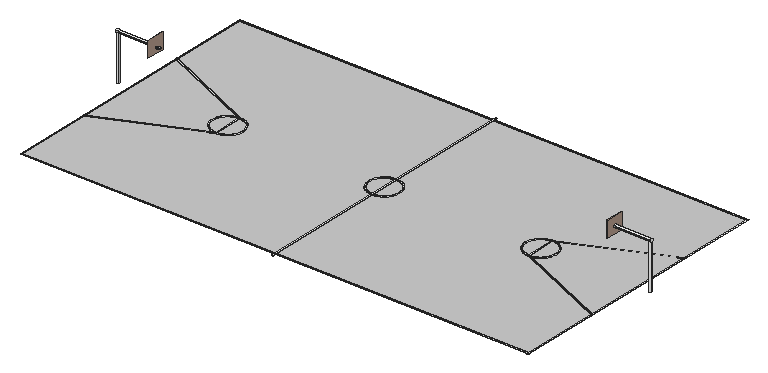
Revit family
Parameters (values of type "26000 x 14000 mm")
  Width = 14000 mm
  Pole Material = Pole Material
  Marking Finish = Paint
  Length = 26000 mm
  Court Material = Court Material
  Board Material = Board Material
Reference planes
  plane 1 "Center (Front/Back)": y = 0
  plane 2: z = 0
  plane 3 "Center (Left/Right)": x = 0
  plane 4: y = 7000
  plane 5: y = -7000
  plane 6: x = 13000
  plane 7: x = -13000
  plane 8: y = 3000
  plane 9: y = -3000
  plane 10: y = 3000
  plane 11: y = -3000
  plane 12: z = 2300
Forms (mm)
  Extrusion 1, solid, material "Court Material" <- "Court Material"
    sketch origin (0, 0, 0) x (1, 0, 0) y (0, 1, 0)
      loop
        line (-13000, 7000) -> (-13000, -7000) -> (13000, -7000) -> (13000, 7000) -> (-13000, 7000)
    from 0 to 2
  Extrusion 2, solid, material "Paint" <- "Marking Finish"
    sketch origin (0, 0, 0) x (1, 0, 0) y (0, 1, 0)
      loop
        line (-13000, 7000) -> (-13000, -7000) -> (13000, -7000) -> (13000, 7000) -> (-13000, 7000)
      loop
        line (-12950, 6950) -> (-12950, -6950) -> (12950, -6950) -> (12950, 6950) -> (-12950, 6950)
    from 2 to 4
  Extrusion 3, solid, material "Paint" <- "Marking Finish"
    sketch origin (0, 0, 0) x (1, 0, 0) y (0, 1, 0)
      loop
        line (-25, -7150) -> (25, -7150) -> (25, 7150) -> (-25, 7150) -> (-25, -7150)
    from 2 to 4
  Extrusion 4, solid, material "Paint" <- "Marking Finish"
    sketch origin (0, 0, 0) x (1, 0, 0) y (0, 1, 0)
      loop
        circle (0, 0) r 800
      loop
        circle (0, 0) r 750
    from 2 to 4
  Extrusion 5, solid, material "Paint" <- "Marking Finish"
    sketch origin (0, 0, 0) x (1, 0, 0) y (0, 1, 0)
      loop
        circle (-8000, 0) r 800
      loop
        circle (-8000, 0) r 750
      loop
        circle (8000, 0) r 800
      loop
        circle (8000, 0) r 750
    from 2 to 4
  Extrusion 6, solid, material "Paint" <- "Marking Finish"
    sketch origin (0, 0, 0) x (1, 0, 0) y (0, 1, 0)
      loop
        line (8025, -750) -> (8025, 750) -> (7975, 750) -> (7975, -750) -> (8025, -750)
      loop
        line (-8025, -750) -> (-7975, -750) -> (-7975, 750) -> (-8025, 750) -> (-8025, -750)
    from 2 to 4
  Extrusion 7, solid, material "Paint" <- "Marking Finish"
    sketch origin (0, 0, 0) x (1, 0, 0) y (0, 1, 0)
      loop
        line (-13000, 3000) -> (-13000, 2945.374) -> (-8107.622, 792.728)
        arc (-8107.622, 792.728) -> (-8053.934, 798.18) -> (-8000, 800) r 800
        line (-8000, 800) -> (-13000, 3000)
      loop
        line (-13000, -3000) -> (-8000, -800)
        arc (-8000, -800) -> (-8053.934, -798.18) -> (-8107.622, -792.728) r 800
        line (-8107.622, -792.728) -> (-13000, -2945.374) -> (-13000, -3000)
      loop
        line (13000, 3000) -> (8000, 800)
        arc (8000, 800) -> (8053.934, 798.18) -> (8107.622, 792.728) r 800
        line (8107.622, 792.728) -> (13000, 2945.374) -> (13000, 3000)
      loop
        line (13000, -3000) -> (13000, -2945.374) -> (8107.622, -792.728)
        arc (8107.622, -792.728) -> (8053.934, -798.18) -> (8000, -800) r 800
        line (8000, -800) -> (13000, -3000)
    from 2 to 4
  Extrusion 8, solid, material "Pole Material" <- "Pole Material"
    sketch origin (-15, 0, 0) x (1, 0, 0) y (0, 1, 0)
      loop
        circle (-13600, 0) r 60
    from 0 to 2300
  Sweep 9, solid, material "Pole Material" <- "Pole Material"
    path origin (0, 0, 2300) x (-1, 0, 0) y (0, -1, 0)
      loop
        line (13675, 0) -> (11750, 0)
    profile origin (-12712.5, 0, 0) x (0, 1, 0) y (0, 0, 1)
      loop
        circle (0, 2360) r 60
  Extrusion 10, solid, material "Board Material" <- "Board Material"
    sketch origin (0, 0, 0) x (1, 0, 0) y (0, 0, 1)
      loop
        line (-11750, 1975) -> (-11700, 1975) -> (-11700, 2775) -> (-11750, 2775) -> (-11750, 1975)
    from -450 to 450
  Extrusion 11, solid, material "Pole Material" <- "Pole Material"
    sketch origin (0, 0, 0) x (-1, 0, 0) y (0, -1, 0)
      loop
        circle (-13615, 0) r 60
    from 0 to 2300
  Extrusion 12, solid, material "Board Material" <- "Board Material"
    sketch origin (0, 0, 0) x (-1, 0, 0) y (0, 0, -1)
      loop
        line (-11750, -1975) -> (-11750, -2775) -> (-11700, -2775) -> (-11700, -1975) -> (-11750, -1975)
    from -456.396 to 443.604
  Sweep 13, solid, material "Pole Material" <- "Pole Material"
    path origin (0, 0, 2300) x (-1, 0, 0) y (0, -1, 0)
      loop
        line (-13675, 0) -> (-11750, 0)
    profile origin (12712.5, 0, 0) x (0, -1, 0) y (0, 0, 1)
      loop
        circle (0, 2360) r 60
  Sweep 14, solid, material "Pole Material" <- "Pole Material"
    path origin (0, 0, 2300) x (-1, 0, 0) y (0, -1, 0)
      loop
        line (11700, 0) -> (11600, 0)
    profile origin (-11650, 0, 0) x (0, 1, 0) y (0, 0, 1)
      loop
        circle (0, 2300) r 15
  Extrusion 15, solid, material "Pole Material" <- "Pole Material"
    sketch origin (0, 0, 2300) x (-1, 0, 0) y (0, -1, 0)
      loop
        circle (11525, 0) r 75
      loop
        circle (11525, 0) r 70
    from 4.981 to 0
  Extrusion 16, solid, material "Pole Material" <- "Pole Material"
    sketch origin (0, 0, 2300) x (0, -1, 0) y (-1, 0, 0)
      loop
        circle (0, -11525) r 75
      loop
        circle (0, -11525) r 70
    from 4.981 to 0
  Sweep 17, solid, material "Pole Material" <- "Pole Material"
    path origin (0, 0, 2300) x (-1, 0, 0) y (0, -1, 0)
      loop
        line (-11600, 0) -> (-11700, 0)
    profile origin (11650, 0, 0) x (0, 1, 0) y (0, 0, 1)
      loop
        circle (0, 2300) r 15
Lines and regions (mm)
  symbolic lines
    curve 1: line (8000, -800, 0) -> (13000, -3000, 0)
    curve 2: line (13000, -2945.374, 0) -> (8107.622, -792.728, 0)
    curve 3: line (7975, 750, 0) -> (7975, -750, 0)
    curve 4: line (8025, -750, 0) -> (8025, 750, 0)
    curve 5: arc (8000, -800, 0) -> (8800, 0, 0) -> (8000, 800, 0) r 800
    curve 6: arc (8000, 750, 0) -> (8750, 0, 0) -> (8000, -750, 0) r 750
    curve 7: arc (8000, 800, 0) -> (7200, 0, 0) -> (8000, -800, 0) r 800
    curve 8: arc (8000, -750, 0) -> (7250, 0, 0) -> (8000, 750, 0) r 750
    curve 9: line (8107.622, 792.728, 0) -> (13000, 2945.374, 0)
    curve 10: line (13000, 3000, 0) -> (8000, 800, 0)
    curve 11: line (11700, 456.396, 0) -> (11700, -443.604, 0)
    curve 12: line (11750, -443.604, 0) -> (11750, 456.396, 0)
    curve 13: line (13675, 60, 0) -> (11750, 60, 0)
    curve 14: line (11750, -60, 0) -> (13675, -60, 0)
    curve 15: line (11750, 456.396, 0) -> (11700, 456.396, 0)
    curve 16: line (11700, -443.604, 0) -> (11750, -443.604, 0)
    curve 17: arc (11525, 75, 0) -> (11600, 0, 0) -> (11525, -75, 0) r 75
    curve 18: arc (11525, -75, 0) -> (11450, 0, 0) -> (11525, 75, 0) r 75
    curve 19: arc (11525, 70, 0) -> (11455, 0, 0) -> (11525, -70, 0) r 70
    curve 20: arc (11525, -70, 0) -> (11595, 0, 0) -> (11525, 70, 0) r 70
    curve 21: line (11700, 15, 0) -> (11600, 15, 0)
    curve 22: line (11600, -15, 0) -> (11700, -15, 0)
    curve 23: line (11600, -15, 0) -> (11600, 15, 0)
    curve 24: line (13675, 60, 0) -> (13675, -60, 0)
    curve 25: line (-11750, 60, 0) -> (-13675, 60, 0)
    curve 26: line (-13675, -60, 0) -> (-11750, -60, 0)
    curve 27: line (-13675, -60, 0) -> (-13675, 60, 0)
    curve 28: line (-11750, 450, 0) -> (-11750, -450, 0)
    curve 29: line (-11700, -450, 0) -> (-11700, 450, 0)
    curve 30: line (-11700, 450, 0) -> (-11750, 450, 0)
    curve 31: line (-11750, -450, 0) -> (-11700, -450, 0)
    curve 32: arc (-11450, 0, 0) -> (-11525, 75, 0) -> (-11600, 0, 0) r 75
    curve 33: arc (-11595, 0, 0) -> (-11525, 70, 0) -> (-11455, 0, 0) r 70
    curve 34: arc (-11455, 0, 0) -> (-11525, -70, 0) -> (-11595, 0, 0) r 70
    curve 35: arc (-11600, 0, 0) -> (-11525, -75, 0) -> (-11450, 0, 0) r 75
    curve 36: line (-11700, -15, 0) -> (-11600, -15, 0)
    curve 37: line (-11600, 15, 0) -> (-11700, 15, 0)
    curve 38: line (-11600, -15, 0) -> (-11600, 15, 0)
    curve 39: line (-13000, 2945.374, 0) -> (-8107.622, 792.728, 0)
    curve 40: line (-8000, 800, 0) -> (-13000, 3000, 0)
    curve 41: line (-8107.622, -792.728, 0) -> (-13000, -2945.374, 0)
    curve 42: line (-13000, -3000, 0) -> (-8000, -800, 0)
    curve 43: arc (-8000, -750, 0) -> (-8750, 0, 0) -> (-8000, 750, 0) r 750
    curve 44: arc (-8000, 800, 0) -> (-8800, 0, 0) -> (-8000, -800, 0) r 800
    curve 45: arc (-8000, 750, 0) -> (-7250, 0, 0) -> (-8000, -750, 0) r 750
    curve 46: arc (-8000, -800, 0) -> (-7200, 0, 0) -> (-8000, 800, 0) r 800
    curve 47: line (-7975, -750, 0) -> (-7975, 750, 0)
    curve 48: line (-8025, 750, 0) -> (-8025, -750, 0)
    curve 49: arc (0, -800, 0) -> (800, 0, 0) -> (0, 800, 0) r 800
    curve 50: arc (0, 750, 0) -> (750, 0, 0) -> (0, -750, 0) r 750
    curve 51: arc (0, 800, 0) -> (-800, 0, 0) -> (0, -800, 0) r 800
    curve 52: arc (0, -750, 0) -> (-750, 0, 0) -> (0, 750, 0) r 750
    curve 53: line (25, -7150, 0) -> (25, 7150, 0)
    curve 54: line (-25, 7150, 0) -> (-25, -7150, 0)
    curve 55: line (25, 7150, 0) -> (-25, 7150, 0)
    curve 56: line (-25, -7150, 0) -> (25, -7150, 0)
Dimensions and locks
  equal spacing: plane 7, plane 3 "Center (Left/Right)", plane 6
  "Length": plane 7 to plane 6
  equal spacing: plane 5, plane 1 "Center (Front/Back)", plane 4
  "Width": plane 5 to plane 4
  locked: plane 8 to plane 9 at 6000
  equal spacing: plane 8, plane 1 "Center (Front/Back)", plane 9
  equal spacing: plane 11, plane 1 "Center (Front/Back)", plane 10
  locked: plane 11 to plane 10 at 6000
  locked: plane 12 to level at 2300
  locked: Extrusion 10 to Extrusion 10 at 800
  radius of Extrusion 5 = 800 mm  (x2)
  radius of Extrusion 4 = 800 mm
  aligned and locked: plane 7 to Extrusion 1 sketch curve
  aligned and locked: plane 4 to Extrusion 1 sketch curve
  aligned and locked: plane 5 to Extrusion 1 sketch curve
  aligned and locked: plane 6 to Extrusion 1 sketch curve
  aligned and locked: Extrusion 2 sketch curve to Extrusion 1  (x3)
  aligned and locked: Extrusion 1 to Extrusion 2 sketch curve
  aligned and locked: plane 3 "Center (Left/Right)" to Extrusion 4 sketch curve  (x2)
  aligned and locked: plane 10 to Extrusion 7
  aligned and locked: plane 11 to Extrusion 7
  aligned and locked: plane 12 to Extrusion 8
  aligned and locked: Sweep 9 sketch curve to Extrusion 8
  aligned and locked: Extrusion 10 sketch curve to Sweep 9
  aligned and locked: Sweep 13 sketch curve to Extrusion 12
  aligned and locked: Sweep 13 sketch curve to Extrusion 11
  aligned and locked: Sweep 13 sketch curve to Sweep 9
  aligned and locked: plane 12 to Extrusion 11
  aligned and locked: Extrusion 11 to level
  aligned and locked: Sweep 14 sketch curve to Extrusion 10
  aligned and locked: plane 1 "Center (Front/Back)" to Sweep 14 sketch curve
  aligned and locked: Extrusion 15 to plane 12
  aligned and locked: plane 1 "Center (Front/Back)" to Sweep 17 sketch curve
Automatic sketch dimensions
  Extrusion 2 sketch curve to plane 7 = 50 mm
  plane 6 to Extrusion 2 sketch curve = 50 mm
  Extrusion 2 sketch curve to plane 5 = 50 mm
  plane 4 to Extrusion 2 sketch curve = 50 mm
  Extrusion 4 sketch curve to plane 1 "Center (Front/Back)" = 0 mm  (x2)
  plane 1 "Center (Front/Back)" to Extrusion 4 sketch curve = 750 mm
  Extrusion 4 sketch curve to Extrusion 4 sketch curve = 50 mm
  Extrusion 5 sketch curve to plane 1 "Center (Front/Back)" = 0 mm  (x4)
  Extrusion 5 sketch curve to plane 1 "Center (Front/Back)" = 750 mm
  plane 6 to Extrusion 5 sketch curve = 5000 mm
  Extrusion 5 sketch curve to Extrusion 5 sketch curve = 0 mm  (x2)
  Extrusion 5 sketch curve to Extrusion 5 sketch curve = 50 mm  (x2)
  plane 1 "Center (Front/Back)" to Extrusion 5 sketch curve = 800 mm
  Extrusion 5 sketch curve to plane 7 = 5000 mm
  Extrusion 6 sketch curve to plane 1 "Center (Front/Back)" = 750 mm  (x2)
  plane 6 to Extrusion 6 sketch curve = 5025 mm
  Extrusion 6 sketch curve to Extrusion 6 sketch curve = 50 mm  (x2)
  plane 1 "Center (Front/Back)" to Extrusion 6 sketch curve = 750 mm  (x2)
  Extrusion 7 sketch curve to plane 7 = 0 mm  (x2)
  Extrusion 7 sketch curve to plane 1 "Center (Front/Back)" = 0 mm  (x4)
  Extrusion 7 sketch curve to plane 1 "Center (Front/Back)" = 792.728 mm  (x2)
  plane 1 "Center (Front/Back)" to Extrusion 7 sketch curve = 792.728 mm  (x2)
  Extrusion 7 sketch curve to Extrusion 7 sketch curve = 0 mm  (x2)
  Extrusion 7 sketch curve to Extrusion 7 sketch curve = 107.622 mm  (x3)
  plane 1 "Center (Front/Back)" to Extrusion 7 sketch curve = 2945.374 mm
  Extrusion 7 sketch curve to Extrusion 7 sketch curve = 54.626 mm  (x4)
  Extrusion 7 sketch curve to plane 1 "Center (Front/Back)" = 2945.374 mm  (x2)
  Extrusion 7 sketch curve to plane 7 = 4892.378 mm
  Extrusion 7 sketch curve to plane 6 = 0 mm  (x2)
  Extrusion 7 sketch curve to plane 1 "Center (Front/Back)" = 800 mm
  plane 6 to Extrusion 7 sketch curve = 5000 mm
  plane 1 "Center (Front/Back)" to Extrusion 7 sketch curve = 3000 mm
  Extrusion 3 sketch curve to plane 3 "Center (Left/Right)" = 25 mm
  plane 3 "Center (Left/Right)" to Extrusion 3 sketch curve = 25 mm
  plane 5 to Extrusion 3 sketch curve = 150 mm
  Extrusion 3 sketch curve to plane 4 = 150 mm
  Extrusion 8 sketch curve to plane 1 "Center (Front/Back)" = 0 mm
  plane 7 to Extrusion 8 sketch curve = 615 mm
  Sweep 9 sketch curve to plane 7 = 1250 mm
  plane 7 to Sweep 9 sketch curve = 675 mm
  Extrusion 10 sketch curve to Extrusion 10 sketch curve = 50 mm
  Extrusion 10 sketch curve to plane 12 = 325 mm
  plane 12 to Extrusion 10 sketch curve = 475 mm
  Extrusion 12 sketch curve to Extrusion 12 sketch curve = 50 mm
  plane 12 to Extrusion 12 sketch curve = 475 mm
  Extrusion 12 sketch curve to plane 12 = 325 mm
  plane 6 to Extrusion 12 sketch curve = 1250 mm
  Sweep 13 sketch curve to plane 6 = 675 mm
  Extrusion 6 sketch curve to plane 7 = 5025 mm
  Sweep 14 sketch curve to Sweep 14 sketch curve = 100 mm
  Sweep 14 sketch curve to plane 12 = 0 mm
  Sweep 14 sketch curve to profile plane = 0 mm
  Extrusion 15 sketch curve to plane 1 "Center (Front/Back)" = 0 mm  (x2)
  Extrusion 15 sketch curve to plane 7 = 1475 mm
  Extrusion 15 sketch curve to Extrusion 15 sketch curve = 0 mm
  Sweep 9 sketch curve to profile plane = 0 mm
  plane 12 to Sweep 9 sketch curve = 60 mm
  Extrusion 11 sketch curve to plane 1 "Center (Front/Back)" = 0 mm
  Extrusion 11 sketch curve to plane 6 = 615 mm
  Extrusion 16 sketch curve to plane 1 "Center (Front/Back)" = 0 mm  (x2)
  plane 6 to Extrusion 16 sketch curve = 1475 mm
  Extrusion 16 sketch curve to Extrusion 16 sketch curve = 0 mm
  plane 6 to Sweep 17 sketch curve = 1300 mm
  Sweep 17 sketch curve to Sweep 17 sketch curve = 100 mm
  Sweep 17 sketch curve to plane 12 = 0 mm
  Sweep 17 sketch curve to profile plane = 0 mm
  curve 35 to plane 1 "Center (Front/Back)" = 0 mm
  curve 34 to plane 1 "Center (Front/Back)" = 0 mm
  curve 45 to plane 1 "Center (Front/Back)" = 0 mm
  curve 44 to plane 1 "Center (Front/Back)" = 0 mm
  curve 49 to plane 1 "Center (Front/Back)" = 0 mm
  curve 49 to plane 3 "Center (Left/Right)" = 0 mm
  curve 50 to plane 1 "Center (Front/Back)" = 0 mm
  curve 50 to plane 3 "Center (Left/Right)" = 0 mm
  curve 7 to plane 1 "Center (Front/Back)" = 0 mm
  curve 8 to plane 1 "Center (Front/Back)" = 0 mm
  curve 19 to plane 1 "Center (Front/Back)" = 0 mm
  curve 17 to plane 1 "Center (Front/Back)" = 0 mm
  curve 1 to plane 9 = 0 mm
  curve 42 to plane 9 = 0 mm
  curve 10 to plane 8 = 0 mm
  curve 40 to plane 8 = 0 mm
  curve 25 to plane 1 "Center (Front/Back)" = 60 mm
  plane 7 to curve 25 = 675 mm
  plane 1 "Center (Front/Back)" to curve 26 = 60 mm
  curve 26 to plane 7 = 1250 mm
  curve 28 to curve 29 = 50 mm
  plane 1 "Center (Front/Back)" to curve 38 = 15 mm
  curve 36 to curve 38 = 100 mm
  curve 35 to curve 37 = 0 mm
  curve 32 to curve 34 = 5 mm
  curve 33 to curve 33 = 70 mm
  curve 32 to curve 33 = 0 mm
  plane 1 "Center (Front/Back)" to curve 41 = 792.728 mm
  curve 32 to curve 41 = 3342.378 mm
  curve 39 to plane 1 "Center (Front/Back)" = 792.728 mm
  curve 39 to curve 48 = 82.622 mm
  curve 48 to curve 45 = 25 mm
  plane 1 "Center (Front/Back)" to curve 42 = 800 mm
  curve 45 to curve 47 = 25 mm
  curve 56 to plane 3 "Center (Left/Right)" = 25 mm
  plane 3 "Center (Left/Right)" to curve 55 = 25 mm
  plane 1 "Center (Front/Back)" to curve 3 = 750 mm
  plane 6 to curve 3 = 5025 mm
  curve 3 to curve 8 = 25 mm
  curve 10 to plane 1 "Center (Front/Back)" = 800 mm
  curve 10 to curve 6 = 0 mm
  curve 6 to curve 4 = 25 mm
  curve 9 to plane 1 "Center (Front/Back)" = 792.728 mm
  plane 1 "Center (Front/Back)" to curve 2 = 792.728 mm
  curve 19 to plane 1 "Center (Front/Back)" = 70 mm
  plane 6 to curve 19 = 1475 mm
  curve 18 to curve 19 = 0 mm
  curve 21 to plane 1 "Center (Front/Back)" = 15 mm
  curve 17 to curve 21 = 75 mm
  curve 21 to curve 21 = 100 mm
  curve 11 to curve 16 = 50 mm
  curve 24 to plane 1 "Center (Front/Back)" = 60 mm
  curve 24 to plane 6 = 675 mm
  plane 5 to curve 54 = 150 mm
  curve 42 to curve 41 = 54.626 mm
  curve 1 to curve 2 = 54.626 mm
  plane 1 "Center (Front/Back)" to curve 51 = 800 mm
  curve 46 to curve 48 = 50 mm
  curve 6 to curve 3 = 0 mm
  curve 43 to curve 48 = 0 mm
  curve 4 to curve 6 = 0 mm  (x2)
  curve 47 to curve 45 = 0 mm  (x2)
  curve 49 to curve 50 = 50 mm
  curve 31 to curve 26 = 390 mm
  curve 11 to curve 19 = 373.604 mm
  curve 18 to curve 19 = 5 mm
  plane 1 "Center (Front/Back)" to curve 14 = 60 mm
  plane 1 "Center (Front/Back)" to curve 23 = 15 mm
  curve 37 to plane 1 "Center (Front/Back)" = 15 mm
  curve 25 to curve 29 = 390 mm
  curve 13 to curve 12 = 396.396 mm
  curve 48 to curve 43 = 0 mm
  curve 3 to curve 8 = 0 mm
  curve 39 to plane 8 = 54.626 mm
  curve 9 to plane 8 = 54.626 mm
  curve 55 to plane 4 = 150 mm
  curve 9 to plane 6 = 0 mm
  curve 39 to plane 7 = 0 mm
  curve 42 to plane 7 = 0 mm
  curve 40 to plane 7 = 0 mm
  curve 41 to plane 7 = 0 mm
  curve 2 to plane 6 = 0 mm
  curve 1 to plane 6 = 0 mm
  curve 10 to plane 6 = 0 mm
  radius of Extrusion 8 sketch curve = 60 mm
  radius of Sweep 14 sketch curve = 15 mm
  radius of Extrusion 15 sketch curve = 75 mm
  radius of Extrusion 15 sketch curve = 70 mm
  radius of Sweep 9 sketch curve = 60 mm
  radius of Extrusion 11 sketch curve = 60 mm
  radius of Extrusion 16 sketch curve = 75 mm
  radius of Extrusion 16 sketch curve = 70 mm
  radius of Sweep 17 sketch curve = 15 mm
